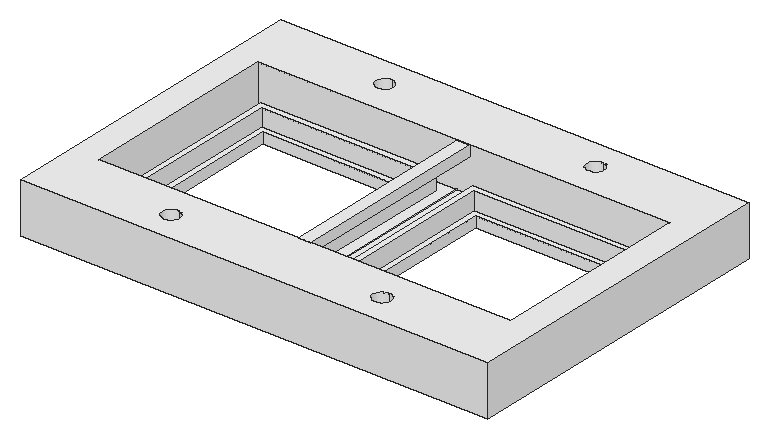
Revit family "Gira_021266", category Electrical Fixtures, host Face, Revit 2017
Family settings
  Host = Face
  Maintain Annotation Orientation = No
  Round Connector Dimension = Use Diameter
  Part Type = Normal
  Cut with Voids When Loaded = No
  Shared = No
  Room Calculation Point = No
Parameters (values of type "Cov.fr. 2-g Gira TX_44 (WP FM) p.white")
  With mounting grid = "No"
  With hinged lid = "No"
  URL = "http://katalog.gira.de/en/datenblatt.html?artikelnr=021266"
  Type of fastening = "Clamp mounting"
  Transparent = "No"
  Surface protection = "Other"
  Suitable for wall duct = "No"
  Suitable for flush-mounted installation = "Yes"
  Suitable for floor box = "No"
  Suitable for built-in installation = "No"
  RAL-number (akin) = "9010"
  Number of units vertical = "2"
  Number of units horizontal = "2"
  Number of units = "2"
  Name = "Cov.fr. 2-g Gira TX_44 (WP FM) p.white"
  Mounting direction = "Horizontal and vertical"
  Material quality = "Thermoplastic"
  Material = "Plastic"
  Manufacturer URL = "https://www.gira.de/"
  Manufacturer = "Gira"
  Label space/information surface = "No"
  Keynote = ""
  HeinzeBIM = "https://bimportal.heinze.de/bim/cov-fr-2-g-gira-tx-44-wp-fm-p-white/365efa08448bc6074fa0fcff3345500aae649536"
  Halogen free = "No"
  HAN = "021266"
  GTIN = "4010337212669"
  Description = "Cov.fr.2g TX_44 PW,Gira TX_44 cover frame,pure white,2-gang,Features:,- Shatter-proof.,,Notes :,- Frames are easy to install without tools; disassembly requires a Torx screwdriver T9 or T10.,- Wall plug mounting is possible.,- Centre inserts safeguarded against disassembly."
  Degree of protection (IP) = "IP44"
  Default Elevation = 1219.2 mm
  Data sheet (1) = "https://katalog.gira.de/en/download.html?artikelnr=021266"
  Colour = "White"
  Category = "Cover frame for domestic switching devices"
  BIM (1) = "https://media.stage.bim.site/public/gira/36a6b08/TX44_Rahmen_2fach.rfa"
  Available = "No"
Reference planes
  plane 1 "Center (Front/Back)": y = 0
  plane 2: z = 0
  plane 3 "Center (Left/Right)": x = 0
  plane 4: x = 78.75
  plane 5: x = 2
  plane 6: x = -2
Forms (mm)
  Extrusion 1, solid, material "White", detail levels fine
    sketch origin (-35.841, 0, 0) x (0, -1, 0) y (1, 0, 0)
      loop
        line (-54.959, 114.591) -> (-54.959, -42.909) -> (54.959, -42.909) -> (54.959, 114.591) -> (-54.959, 114.591)
      loop
        line (-33.5, -33.5) -> (33.5, -33.5) -> (33.5, 105.183) -> (-33.5, 105.183) -> (-33.5, -33.5)
      loop
        circle (-45, -0.006) r 3
      loop
        circle (44.992, 0.001) r 3
      loop
        circle (-45, 71.094) r 3
      loop
        circle (44.992, 71.101) r 3
    from 0 to 16.9
  Extrusion 2, solid, material "White", detail levels fine
    sketch origin (-35.841, 0, 0) x (0, -1, 0) y (1, 0, 0)
      loop
        line (-25.5, 25.5) -> (-25.5, -25.5) -> (25.5, -25.5) -> (25.5, 25.5) -> (-25.5, 25.5)
      loop
        line (-33.5, 33.5) -> (-33.5, -33.5) -> (33.5, -33.5) -> (33.5, 33.5) -> (-33.5, 33.5)
    from -1.6 to 2
  Extrusion 3, solid, material "White", detail levels fine
    sketch origin (-35.841, 0, 0) x (0, -1, 0) y (1, 0, 0)
      loop
        line (-27.5, 27.5) -> (-27.5, -27.5) -> (27.5, -27.5) -> (27.5, 27.5) -> (-27.5, 27.5)
      loop
        line (-29.5, 29.5) -> (-29.5, -29.5) -> (29.5, -29.5) -> (29.5, 29.5) -> (-29.5, 29.5)
    from 2 to 7.8
  Extrusion 4, solid, material "White", detail levels coarse+medium
    sketch origin (-35.841, 0, 0) x (0, -1, 0) y (1, 0, 0)
      loop
        line (-54.959, 114.591) -> (-54.959, -42.909) -> (54.959, -42.909) -> (54.959, 114.591) -> (-54.959, 114.591)
    from -1.6 to 16.9
  Extrusion 5, solid, material "White", detail levels fine
    sketch origin (35.841, 0, 0) x (0, -1, 0) y (1, 0, 0)
      loop
        line (-25.5, 25.5) -> (-25.5, -25.5) -> (25.5, -25.5) -> (25.5, 25.5) -> (-25.5, 25.5)
      loop
        line (-33.5, 33.5) -> (-33.5, -33.5) -> (33.5, -33.5) -> (33.5, 33.5) -> (-33.5, 33.5)
    from -1.6 to 2
  Extrusion 6, solid, material "White", detail levels fine
    sketch origin (35.841, 0, 0) x (0, -1, 0) y (1, 0, 0)
      loop
        line (-27.5, 27.5) -> (-27.5, -27.5) -> (27.5, -27.5) -> (27.5, 27.5) -> (-27.5, 27.5)
      loop
        line (-29.5, 29.5) -> (-29.5, -29.5) -> (29.5, -29.5) -> (29.5, 29.5) -> (-29.5, 29.5)
    from 2 to 7.8
  Extrusion 7, solid, material "White", detail levels fine
    sketch origin (-35.841, 0, 0) x (0, -1, 0) y (1, 0, 0)
      loop
        line (-33.5, 38.183) -> (-33.5, 33.5) -> (33.5, 33.5) -> (33.5, 38.183) -> (-33.5, 38.183)
    from 0 to 2
  Extrusion 8, solid, material "White", detail levels fine
    sketch origin (-35.841, 0, 0) x (0, -1, 0) y (1, 0, 0)
      loop
        line (-33.5, 37.841) -> (-33.5, 33.841) -> (33.5, 33.841) -> (33.5, 37.841) -> (-33.5, 37.841)
    from 13.4 to 16.9
Dimensions and locks
  aligned and locked: plane 2 to host face
  aligned and locked: level to host face
